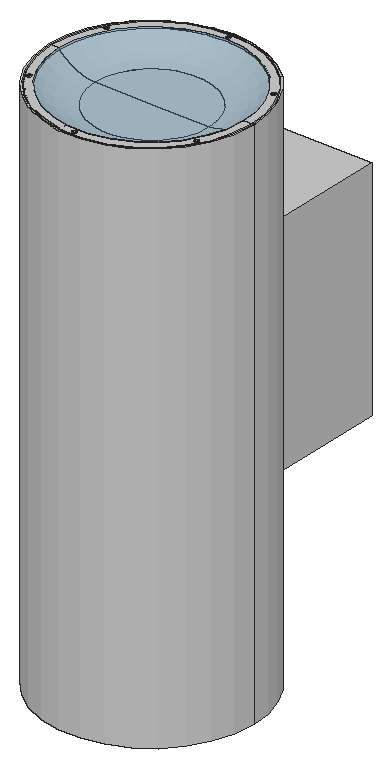
Revit family "WALL DOUBLE TUBE 03_AM36W.1.22", category Luminarias, Revit 2019
Family settings
  Cota de conector redondo = Diámetro de uso
  Tipo de pieza = Normal
  Se basa en plano de trabajo = Sí
  Siempre vertical = No
  Corte con vacíos al cargar = No
  Origen de luz = Sí
  Compartido = No
  Punto de cálculo de habitación = No
Parameters (values of type "WALL DOUBLE TUBE 03_AM36W.1.22")
  Ángulo de inclinación = 60.00°
  Zone [instance] = ""
  Watt per fixture = 40.5
  Wattage = 40.5 W
  built-in parameter 1150107 = 3000 (stored number, unit not read)
  built-in parameter 1150110 = 1 (stored number, unit not read)
  built-in parameter 1150109 = 1 (stored number, unit not read)
  built-in parameter 1150112 = 1 (stored number, unit not read)
  built-in parameter 1150113 = 1 (stored number, unit not read)
  built-in parameter 1114218 = 1 (stored number, unit not read)
  Keynote = ""
  built-in parameter 1150137 = (empty or 0)
  built-in parameter 1150132 = (empty or 0)
  Modelo = "AM36W.1.22"
  Lámpara = "NICHIA"
  built-in parameter 1150105 = 257.35 (stored number, unit not read)
  built-in parameter 1150102 = (empty or 0)
  built-in parameter 1150106 = 2.5735 (stored number, unit not read)
  Lumens = 3233.93 lm
  Color Filter = 16777215
  built-in parameter 1114217 = 1 (stored number, unit not read)
  built-in parameter 1150139 = (empty or 0)
  Fabricante = "BRILLANT"
  Default Elevation = 0 mm
  built-in parameter 1150104 = 7.4183 (stored number, unit not read)
  Descripción = "LUMINARIA DIRIGIBLE EN FORMA TUBULAR TIPO ARBOTANTE DOBLE DE HAZ (UP & DOWN), DE MATERIAL EN ALEACION DE ALUMINIO EXTRUIDO CON UN PESO DE 4.1KG, CON 2 LED TIPO NICHIA CON UNA POTENCIA TOTAL DE 40.5W, 2X1617 LUMENES, TEMPERATURA EN BLANCO CALIDO 3000K, IRC 80, IP 65, IK10, APERTURA DE  22 GRADOS EN STOCK, CORRIENTE DE OPERACIÓN 340mA, CABLE DE 0.3M, ALIMENTADO A 100-277VAC"
  built-in parameter 1150115 = 1 (stored number, unit not read)
  built-in parameter 1150114 = 1 (stored number, unit not read)
  Comentarios de vataje = "100-277V"
  built-in parameter 1150138 = (empty or 0)
  built-in parameter 1150134 = (empty or 0)
  Circuit [instance] = ""
  Dimming Lamp Color Temperature Shift = (empty or 0)
  Archivo de red fotométrica = "AM36W.1_22º.IES"
  built-in parameter 1150133 = 10 (stored number, unit not read)
Reference planes
  plane 1 "Centro (Frontal/Posterior)": y = 0
  plane 2: z = 0
  plane 3 "Centro (Izquierda/Derecha)": x = 0
Forms (mm)
  Revolve 1, solid, material "Cristal", not visible
    sketch origin (-152, 0, 0) x (0, 1, 0) y (0, 0, -1)
      loop
        line (0, -8.749) -> (0, -7.25) -> (-1.499, -7.25)
        arc (-1.499, -7.25) -> (-1.06, -8.31) -> (0, -8.749) r 1.499
      axis (0, -7.25) -> (-1.499, -7.25)
    angle from 0 to 360
  Revolve 2, solid, material "Cristal", not visible
    sketch origin (-136, 0, 0) x (0, 1, 0) y (0, 0, -1)
      loop
        line (0, -8.749) -> (0, -7.25) -> (-1.499, -7.25)
        arc (-1.499, -7.25) -> (-1.06, -8.31) -> (0, -8.749) r 1.499
      axis (0, -7.25) -> (-1.499, -7.25)
    angle from 0 to 360
  Revolve 3, solid, material "Cristal", not visible
    sketch origin (-120, 0, 0) x (0, 1, 0) y (0, 0, -1)
      loop
        line (0, -8.749) -> (0, -7.25) -> (-1.499, -7.25)
        arc (-1.499, -7.25) -> (-1.06, -8.31) -> (0, -8.749) r 1.499
      axis (0, -7.25) -> (-1.499, -7.25)
    angle from 0 to 360
  Revolve 4, solid, material "Cristal", not visible
    sketch origin (-104, 0, 0) x (0, 1, 0) y (0, 0, -1)
      loop
        line (0, -8.749) -> (0, -7.25) -> (-1.499, -7.25)
        arc (-1.499, -7.25) -> (-1.06, -8.31) -> (0, -8.749) r 1.499
      axis (0, -7.25) -> (-1.499, -7.25)
    angle from 0 to 360
  Revolve 5, solid, material "Cristal", not visible
    sketch origin (-88, 0, 0) x (0, 1, 0) y (0, 0, -1)
      loop
        line (0, -8.749) -> (0, -7.25) -> (-1.499, -7.25)
        arc (-1.499, -7.25) -> (-1.06, -8.31) -> (0, -8.749) r 1.499
      axis (0, -7.25) -> (-1.499, -7.25)
    angle from 0 to 360
  Revolve 6, solid, material "Cristal", not visible
    sketch origin (-72, 0, 0) x (0, 1, 0) y (0, 0, -1)
      loop
        line (0, -8.749) -> (0, -7.25) -> (-1.499, -7.25)
        arc (-1.499, -7.25) -> (-1.06, -8.31) -> (0, -8.749) r 1.499
      axis (0, -7.25) -> (-1.499, -7.25)
    angle from 0 to 360
  Revolve 7, solid, material "Cristal", not visible
    sketch origin (-56, 0, 0) x (0, 1, 0) y (0, 0, -1)
      loop
        line (0, -8.749) -> (0, -7.25) -> (-1.499, -7.25)
        arc (-1.499, -7.25) -> (-1.06, -8.31) -> (0, -8.749) r 1.499
      axis (0, -7.25) -> (-1.499, -7.25)
    angle from 0 to 360
  Revolve 8, solid, material "Cristal", not visible
    sketch origin (-40, 0, 0) x (0, 1, 0) y (0, 0, -1)
      loop
        line (0, -8.749) -> (0, -7.25) -> (-1.499, -7.25)
        arc (-1.499, -7.25) -> (-1.06, -8.31) -> (0, -8.749) r 1.499
      axis (0, -7.25) -> (-1.499, -7.25)
    angle from 0 to 360
  Revolve 9, solid, material "Cristal", not visible
    sketch origin (-24, 0, 0) x (0, 1, 0) y (0, 0, -1)
      loop
        line (0, -8.749) -> (0, -7.25) -> (-1.499, -7.25)
        arc (-1.499, -7.25) -> (-1.06, -8.31) -> (0, -8.749) r 1.499
      axis (0, -7.25) -> (-1.499, -7.25)
    angle from 0 to 360
  Revolve 10, solid, material "Cristal", not visible
    sketch origin (-8, 0, 0) x (0, 1, 0) y (0, 0, -1)
      loop
        line (0, -8.749) -> (0, -7.25) -> (-1.499, -7.25)
        arc (-1.499, -7.25) -> (-1.06, -8.31) -> (0, -8.749) r 1.499
      axis (0, -7.25) -> (-1.499, -7.25)
    angle from 0 to 360
  Revolve 11, solid, material "Cristal", not visible
    sketch origin (8, 0, 0) x (0, 1, 0) y (0, 0, -1)
      loop
        line (0, -8.749) -> (0, -7.25) -> (-1.499, -7.25)
        arc (-1.499, -7.25) -> (-1.06, -8.31) -> (0, -8.749) r 1.499
      axis (0, -7.25) -> (-1.499, -7.25)
    angle from 0 to 360
  Revolve 12, solid, material "Cristal", not visible
    sketch origin (24, 0, 0) x (0, 1, 0) y (0, 0, -1)
      loop
        line (0, -8.749) -> (0, -7.25) -> (-1.499, -7.25)
        arc (-1.499, -7.25) -> (-1.06, -8.31) -> (0, -8.749) r 1.499
      axis (0, -7.25) -> (-1.499, -7.25)
    angle from 0 to 360
  Revolve 13, solid, material "Cristal", not visible
    sketch origin (40, 0, 0) x (0, 1, 0) y (0, 0, -1)
      loop
        line (0, -8.749) -> (0, -7.25) -> (-1.499, -7.25)
        arc (-1.499, -7.25) -> (-1.06, -8.31) -> (0, -8.749) r 1.499
      axis (0, -7.25) -> (-1.499, -7.25)
    angle from 0 to 360
  Revolve 14, solid, material "Cristal", not visible
    sketch origin (56, 0, 0) x (0, 1, 0) y (0, 0, -1)
      loop
        line (0, -8.749) -> (0, -7.25) -> (-1.499, -7.25)
        arc (-1.499, -7.25) -> (-1.06, -8.31) -> (0, -8.749) r 1.499
      axis (0, -7.25) -> (-1.499, -7.25)
    angle from 0 to 360
  Revolve 15, solid, material "Cristal", not visible
    sketch origin (72, 0, 0) x (0, 1, 0) y (0, 0, -1)
      loop
        line (0, -8.749) -> (0, -7.25) -> (-1.499, -7.25)
        arc (-1.499, -7.25) -> (-1.06, -8.31) -> (0, -8.749) r 1.499
      axis (0, -7.25) -> (-1.499, -7.25)
    angle from 0 to 360
  Revolve 16, solid, material "Cristal", not visible
    sketch origin (88, 0, 0) x (0, 1, 0) y (0, 0, -1)
      loop
        line (0, -8.749) -> (0, -7.25) -> (-1.499, -7.25)
        arc (-1.499, -7.25) -> (-1.06, -8.31) -> (0, -8.749) r 1.499
      axis (0, -7.25) -> (-1.499, -7.25)
    angle from 0 to 360
  Revolve 17, solid, material "Cristal", not visible
    sketch origin (104, 0, 0) x (0, 1, 0) y (0, 0, -1)
      loop
        line (0, -8.749) -> (0, -7.25) -> (-1.499, -7.25)
        arc (-1.499, -7.25) -> (-1.06, -8.31) -> (0, -8.749) r 1.499
      axis (0, -7.25) -> (-1.499, -7.25)
    angle from 0 to 360
  Revolve 18, solid, material "Cristal", not visible
    sketch origin (120, 0, 0) x (0, 1, 0) y (0, 0, -1)
      loop
        line (0, -8.749) -> (0, -7.25) -> (-1.499, -7.25)
        arc (-1.499, -7.25) -> (-1.06, -8.31) -> (0, -8.749) r 1.499
      axis (0, -7.25) -> (-1.499, -7.25)
    angle from 0 to 360
  Revolve 19, solid, material "Cristal", not visible
    sketch origin (136, 0, 0) x (0, 1, 0) y (0, 0, -1)
      loop
        line (0, -8.749) -> (0, -7.25) -> (-1.499, -7.25)
        arc (-1.499, -7.25) -> (-1.06, -8.31) -> (0, -8.749) r 1.499
      axis (0, -7.25) -> (-1.499, -7.25)
    angle from 0 to 360
  Revolve 20, solid, material "Cristal", not visible
    sketch origin (152, 0, 0) x (0, 1, 0) y (0, 0, -1)
      loop
        line (0, -8.749) -> (0, -7.25) -> (-1.499, -7.25)
        arc (-1.499, -7.25) -> (-1.06, -8.31) -> (0, -8.749) r 1.499
      axis (0, -7.25) -> (-1.499, -7.25)
    angle from 0 to 360
  Revolve 21, solid, material "Acero Inoxidable"
    sketch origin (0, -117, 120.325) x (-1, 0, 0) y (0, 0, 1)
      loop
        line (0, 207.853) -> (-36.124, 207.853)
        arc (-36.124, 207.853) -> (-48.278, 211.101) -> (-58.59, 218.31) r 36.226
        line (-58.59, 218.31) -> (-58.59, 219.182) -> (-63.399, 219.182) -> (-63.399, 218.298) -> (-64.2, 218.298) -> (-64.2, 219.182) -> (-65, 219.182) -> (-65, -120.325) -> (-64.2, -120.325) -> (-64.2, -119.441) -> (-63.399, -119.441) -> (-63.399, -120.325) -> (-58.59, -120.325) -> (-58.59, -119.453)
        arc (-58.59, -119.453) -> (-48.278, -112.244) -> (-36.124, -108.997) r 36.226
        line (-36.124, -108.997) -> (0, -108.997) -> (0, 207.853)
      axis (0, 219.182) -> (0, -120.325)
    angle from 0 to 360
  Extrusion 22, solid, material "Cristal"
    sketch origin (0, -25.506, 0) x (1, 0, 0) y (0, 1, 0)
      loop
        circle (0, -91.494) r 58.59
    from 0 to 0.872
  Extrusion 23, solid, material "Acero Inoxidable"
    sketch origin (0, 0, 0) x (1, 0, 0) y (0, 1, 0)
      loop
        line (-45.5, 0) -> (-45.5, -70.581)
        arc (-45.5, -70.581) -> (0, -52) -> (45.5, -70.581) r 65
        line (45.5, -70.581) -> (45.5, 0) -> (-45.5, 0)
    from 116.238 to 259.531
  Extrusion 24, void
    sketch origin (0, -45, 0) x (1, 0, 0) y (0, 1, 0)
      loop
        circle (0, -11) r 1.283
      loop
        circle (52.828, -41.5) r 1.283
      loop
        circle (52.828, -102.5) r 1.283
      loop
        circle (0, -133) r 1.283
      loop
        circle (-52.828, -102.5) r 1.283
      loop
        circle (-52.828, -41.5) r 1.283
    from 0 to 1.671
  Extrusion 25, solid, material "Acero Inoxidable"
    sketch origin (0, -45, 0) x (1, 0, 0) y (0, 1, 0)
      loop
        circle (-0.023, -11.013) r 1.084
      loop
        line (-0.813, -11.013) -> (-0.418, -11.698) -> (0.372, -11.698) -> (0.767, -11.013) -> (0.372, -10.329) -> (-0.418, -10.329) -> (-0.813, -11.013)
      loop
        circle (52.828, -41.5) r 1.084
      loop
        line (52.037, -41.5) -> (52.432, -42.184) -> (53.223, -42.184) -> (53.618, -41.5) -> (53.223, -40.816) -> (52.432, -40.816) -> (52.037, -41.5)
      loop
        circle (52.828, -102.5) r 1.084
      loop
        line (52.037, -102.5) -> (52.432, -103.184) -> (53.223, -103.184) -> (53.618, -102.5) -> (53.223, -101.816) -> (52.432, -101.816) -> (52.037, -102.5)
      loop
        circle (0, -133) r 1.084
      loop
        line (-0.79, -133) -> (-0.395, -133.684) -> (0.395, -133.684) -> (0.79, -133) -> (0.395, -132.316) -> (-0.395, -132.316) -> (-0.79, -133)
      loop
        circle (-52.828, -102.5) r 1.084
      loop
        line (-53.618, -102.5) -> (-53.223, -103.184) -> (-52.432, -103.184) -> (-52.037, -102.5) -> (-52.432, -101.816) -> (-53.223, -101.816) -> (-53.618, -102.5)
      loop
        circle (-52.828, -41.5) r 1.084
      loop
        line (-53.618, -41.5) -> (-53.223, -42.184) -> (-52.432, -42.184) -> (-52.037, -41.5) -> (-52.432, -40.816) -> (-53.223, -40.816) -> (-53.618, -41.5)
    from 0 to 1.671
  Extrusion 26, void
    sketch origin (0, -13.75, 0) x (1, 0, 0) y (0, 1, 0)
      loop
        circle (-20.22, -13.334) r 3.469
      loop
        circle (20.22, -13.334) r 3.469
    from 116.238 to 121.734
  Extrusion 27, solid, material "Aluminio"
    sketch origin (0, -13.75, 0) x (1, 0, 0) y (0, 1, 0)
      loop
        circle (-20.22, -13.334) r 3.271
      loop
        line (-22.643, -12.929) -> (-22.643, -13.738) -> (-20.62, -13.738) -> (-20.62, -15.757) -> (-19.82, -15.757) -> (-19.82, -13.738) -> (-17.797, -13.738) -> (-17.797, -12.929) -> (-19.82, -12.929) -> (-19.82, -10.911) -> (-20.62, -10.911) -> (-20.62, -12.929) -> (-22.643, -12.929)
      loop
        circle (20.22, -13.334) r 3.271
      loop
        line (22.643, -12.929) -> (20.62, -12.929) -> (20.62, -10.911) -> (19.82, -10.911) -> (19.82, -12.929) -> (17.797, -12.929) -> (17.797, -13.738) -> (19.82, -13.738) -> (19.82, -15.757) -> (20.62, -15.757) -> (20.62, -13.738) -> (22.643, -13.738) -> (22.643, -12.929)
    from 116.238 to 121.734
  Extrusion 28, void
    sketch origin (0, -45, 337.836) x (0, -1, 0) y (1, 0, 0)
      loop
        circle (11, 0) r 1.283
      loop
        circle (41.5, 52.828) r 1.283
      loop
        circle (102.5, 52.828) r 1.283
      loop
        circle (133, 0) r 1.283
      loop
        circle (102.5, -52.828) r 1.283
      loop
        circle (41.5, -52.828) r 1.283
    from 0 to 1.671
  Extrusion 29, solid, material "Acero Inoxidable"
    sketch origin (0, -45, 337.836) x (0, -1, 0) y (1, 0, 0)
      loop
        circle (11.013, -0.023) r 1.084
      loop
        line (11.013, -0.813) -> (11.698, -0.418) -> (11.698, 0.372) -> (11.013, 0.767) -> (10.329, 0.372) -> (10.329, -0.418) -> (11.013, -0.813)
      loop
        circle (41.5, 52.828) r 1.084
      loop
        line (41.5, 52.037) -> (42.184, 52.432) -> (42.184, 53.223) -> (41.5, 53.618) -> (40.816, 53.223) -> (40.816, 52.432) -> (41.5, 52.037)
      loop
        circle (102.5, 52.828) r 1.084
      loop
        line (102.5, 52.037) -> (103.184, 52.432) -> (103.184, 53.223) -> (102.5, 53.618) -> (101.816, 53.223) -> (101.816, 52.432) -> (102.5, 52.037)
      loop
        circle (133, 0) r 1.084
      loop
        line (133, -0.79) -> (133.684, -0.395) -> (133.684, 0.395) -> (133, 0.79) -> (132.316, 0.395) -> (132.316, -0.395) -> (133, -0.79)
      loop
        circle (102.5, -52.828) r 1.084
      loop
        line (102.5, -53.618) -> (103.184, -53.223) -> (103.184, -52.432) -> (102.5, -52.037) -> (101.816, -52.432) -> (101.816, -53.223) -> (102.5, -53.618)
      loop
        circle (41.5, -52.828) r 1.084
      loop
        line (41.5, -53.618) -> (42.184, -53.223) -> (42.184, -52.432) -> (41.5, -52.037) -> (40.816, -52.432) -> (40.816, -53.223) -> (41.5, -53.618)
    from 0 to 1.671
  Extrusion 30, solid, material "Cristal"
    sketch origin (0, -25.506, 338.635) x (0, -1, 0) y (1, 0, 0)
      loop
        circle (91.494, 0) r 58.59
    from 0 to 0.872
Cuts and joins
  Extrusion 24, Extrusion 28 cuts Revolve 21
  Extrusion 26 cuts Extrusion 23
  Extrusion 28 cuts Extrusion 25
Lines and regions (mm)
  model lines
    curve 1: line (-1.283, -43.146, 0) -> (1.283, -43.146, 0)
    curve 2: line (0, -182, 0) -> (130, -182, 0)
Dimensions and locks
  equal spacing: Extrusion 23 sketch curve, plane 3 "Centro (Izquierda/Derecha)", Extrusion 23 sketch curve
  Extrusion 23 sketch curve to plane 3 "Centro (Izquierda/Derecha)" = 45.5 mm
  Extrusion 23 sketch curve to Extrusion 23 sketch curve = 91 mm
  Extrusion 23 to Extrusion 23 = 91 mm
  Extrusion 23 to Extrusion 23 = 143.293 mm
  cut or joined group of Revolve 21, Extrusion 24, Extrusion 28 to cut or joined group of Revolve 21, Extrusion 24, Extrusion 28 = 339.507 mm
  aligned and locked: level to plane 2
  aligned and locked: Extrusion 22 to level
  aligned and locked: Extrusion 26 to Extrusion 27
  aligned and locked: Extrusion 23 to Extrusion 26
  aligned and locked: cut or joined group of Extrusion 23, Extrusion 26 to Extrusion 27
Connectors
  electrical at (0, 0, 187.885)
    settings: on cut or joined group of Extrusion 23, Extrusion 26, index 1, voltage 277 V, apparent load 0 VA, apparent load phase1 0 VA, apparent load phase2 0 VA, apparent load phase3 0 VA, power factor 1, load classification "Otro", number of poles 1, system type 31, power factor state 1, is connector primary yes, connector utility no, sub classification motor no, connector description ""
